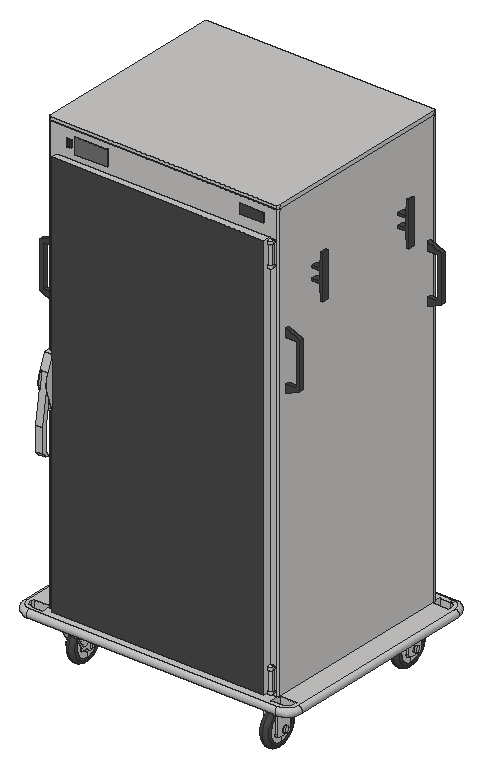
Revit family (continued)
Lines and regions (in)
  symbolic lines, style "QF_Door Swings", visible <- "LC", detail levels coarse
    curve 10: arc (4.4375, -59.625, 0) -> (25.1758, -50.65643, 0) -> (33.5, -29.65119, 0) r 29.52412
  symbolic lines
    curve 11: line (0, -2, 0) -> (0, -28.8125, 0)
    curve 12: line (35.9375, 0, 0) -> (2, 0, 0)
    curve 13: line (37.9375, -2, 0) -> (37.9375, -28.8125, 0)
    curve 14: line (35.9375, -30.8125, 0) -> (34.54386, -30.8125, 0)
    curve 15: line (34.65625, -1.8572, 0) -> (3.28125, -1.8572, 0)
    curve 16: line (3.28125, -1.8572, 0) -> (3.28125, -28.65119, 0)
    curve 17: line (3.28125, -2.42558, 0) -> (1, -2.42558, 0)
    curve 18: line (1, -2.42558, 0) -> (1, -2, 0)
    curve 19: arc (1, -2, 0) -> (1.29289, -1.29289, 0) -> (2, -1, 0) r 1
    curve 20: line (2, -1, 0) -> (3.38269, -1, 0)
    curve 21: line (3.38269, -1, 0) -> (3.38269, -1.8572, 0)
    curve 22: line (3.28125, -2.86127, 0) -> (1.21104, -2.86127, 0)
    curve 23: line (1.21104, -2.86127, 0) -> (1.21104, -3.36127, 0)
    curve 24: line (1.21104, -3.36127, 0) -> (3.28125, -3.36127, 0)
    curve 25: line (36.3062, -7.6669, 0) -> (34.65625, -7.6669, 0)
    curve 26: line (34.65625, -8.4169, 0) -> (36.3062, -8.4169, 0)
    curve 27: line (35.85597, -7.6669, 0) -> (35.85597, -8.4169, 0)
    curve 28: line (36.02201, -7.6669, 0) -> (36.02201, -8.4169, 0)
    curve 29: line (36.3062, -8.4169, 0) -> (36.3062, -7.6669, 0)
    curve 30: line (33.5, -29.65119, 0) -> (4.4375, -29.65119, 0)
    curve 31: line (4.4375, -28.65119, 0) -> (4.4375, -29.65119, 0)
    curve 32: line (5.91404, -28.65119, 0) -> (5.91404, -28.79572, 0)
    curve 33: line (5.91404, -28.79572, 0) -> (6.2983, -28.79572, 0)
    curve 34: line (6.2983, -28.79572, 0) -> (6.2983, -28.65119, 0)
    curve 35: line (3.28125, -28.65119, 0) -> (34.65625, -28.65119, 0)
    curve 36: line (33.5, -29.65119, 0) -> (33.5, -28.65119, 0)
    curve 50: line (3.28125, -1.8572, 0) -> (3.28125, -28.65119, 0)
    curve 51: line (34.65625, -2.86127, 0) -> (36.72646, -2.86127, 0)
    curve 52: line (36.72646, -2.86127, 0) -> (36.72646, -3.36127, 0)
    curve 53: line (36.72646, -3.36127, 0) -> (34.65625, -3.36127, 0)
    curve 54: line (34.65625, -2.42558, 0) -> (36.9375, -2.42558, 0)
    curve 55: line (36.9375, -2.42558, 0) -> (36.9375, -2, 0)
    curve 56: arc (36.9375, -2, 0) -> (36.64461, -1.29289, 0) -> (35.9375, -1, 0) r 1
    curve 57: line (35.9375, -1, 0) -> (34.55481, -1, 0)
    curve 58: line (34.55481, -1, 0) -> (34.55481, -1.8572, 0)
    curve 59: line (34.65625, -28.32442, 0) -> (36.9375, -28.32442, 0)
    curve 60: line (36.9375, -28.32442, 0) -> (36.9375, -28.75, 0)
    curve 61: arc (36.9375, -28.75, 0) -> (36.64461, -29.45711, 0) -> (35.9375, -29.75, 0) r 1
    curve 62: line (35.9375, -29.75, 0) -> (34.65625, -29.75, 0)
    curve 64: line (34.65625, -1.8572, 0) -> (34.65625, -28.65119, 0)
    curve 65: line (3.28125, -27.88873, 0) -> (1.21104, -27.88873, 0)
    curve 66: line (1.21104, -27.88873, 0) -> (1.21104, -27.38873, 0)
    curve 67: line (1.21104, -27.38873, 0) -> (3.28125, -27.38873, 0)
    curve 68: line (36.3062, -23.0831, 0) -> (34.65625, -23.0831, 0)
    curve 69: line (34.65625, -22.3331, 0) -> (36.3062, -22.3331, 0)
    curve 70: line (35.85597, -23.0831, 0) -> (35.85597, -22.3331, 0)
    curve 71: line (36.02201, -23.0831, 0) -> (36.02201, -22.3331, 0)
    curve 72: line (36.3062, -22.3331, 0) -> (36.3062, -23.0831, 0)
    curve 73: line (34.65625, -27.88873, 0) -> (36.72646, -27.88873, 0)
    curve 74: line (36.72646, -27.88873, 0) -> (36.72646, -27.38873, 0)
    curve 75: line (36.72646, -27.38873, 0) -> (34.65625, -27.38873, 0)
    curve 78: line (33.5, -28.65119, 0) -> (33.5, -29.65119, 0)
    curve 80: line (3.28125, -28.32442, 0) -> (1, -28.32442, 0)
    curve 81: line (1, -28.32442, 0) -> (1, -28.75, 0)
    curve 82: arc (1, -28.75, 0) -> (1.29289, -29.45711, 0) -> (2, -29.75, 0) r 1
    curve 83: line (2, -29.75, 0) -> (3.28125, -29.75, 0)
    curve 92: line (33.59513, -30.8125, 0) -> (4.34237, -30.8125, 0)
    curve 106: line (3.39364, -30.8125, 0) -> (2, -30.8125, 0)
    curve 107: arc (2, 0, 0) -> (0.58579, -0.58579, 0) -> (0, -2, 0) r 2
    curve 108: arc (35.9375, 0, 0) -> (37.35171, -0.58579, 0) -> (37.9375, -2, 0) r 2
    curve 109: arc (37.9375, -28.8125, 0) -> (37.35171, -30.22671, 0) -> (35.9375, -30.8125, 0) r 2
    curve 110: arc (2, -30.8125, 0) -> (0.58579, -30.22671, 0) -> (0, -28.8125, 0) r 2
  symbolic lines, visible <- "Left Door"
    curve 37: line (34.65625, -30.48585, 0) -> (34.65625, -28.65119, 0)
    curve 38: line (34.54386, -29.40119, 0) -> (33.59513, -29.40119, 0)
    curve 39: line (33.5, -30.36524, 0) -> (33.59513, -30.36524, 0)
    curve 40: line (33.5, -30.48585, 0) -> (33.59513, -30.48585, 0)
    curve 41: line (34.54386, -30.36524, 0) -> (34.65625, -30.36524, 0)
    curve 42: line (34.54386, -30.48585, 0) -> (34.65625, -30.48585, 0)
    curve 43: line (34.54386, -30.93673, 0) -> (34.54386, -29.40119, 0)
    curve 44: line (33.59513, -29.40119, 0) -> (33.59513, -30.93673, 0)
    curve 45: line (33.59513, -30.09283, 0) -> (34.54386, -30.09283, 0)
    curve 46: arc (3.6875, -28.97932, 0) -> (3.73946, -28.78886, 0) -> (3.88095, -28.65119, 0) r 0.375
    curve 47: arc (4.4375, -28.97932, 0) -> (4.0625, -29.35432, 0) -> (3.6875, -28.97932, 0) r 0.375
    curve 48: arc (4.34315, -28.97932, 0) -> (4.0625, -28.69866, 0) -> (3.78185, -28.97932, 0) r 0.28065
    curve 49: arc (3.78185, -28.97932, 0) -> (4.0625, -29.25997, 0) -> (4.34315, -28.97932, 0) r 0.28065
    curve 76: arc (4.24405, -28.65119, 0) -> (4.38554, -28.78886, 0) -> (4.4375, -28.97932, 0) r 0.375
    curve 77: line (34.54386, -30.93673, 0) -> (33.59513, -30.93673, 0)
    curve 84: line (3.38269, -29.75, 0) -> (3.38269, -28.65119, 0)
    curve 85: line (3.28125, -29.75, 0) -> (3.38269, -29.75, 0)
    curve 91: line (33.5, -30.48585, 0) -> (33.5, -29.64339, 0)
    curve 105: line (3.39364, -30.8125, 0) -> (4.34237, -30.8125, 0)
  symbolic lines, visible <- "Right Door"
    curve 63: line (34.55481, -29.75, 0) -> (34.55481, -28.65119, 0)
    curve 79: line (34.65625, -29.75, 0) -> (34.55481, -29.75, 0)
    curve 86: arc (34.25, -28.97932, 0) -> (34.19804, -28.78886, 0) -> (34.05655, -28.65119, 0) r 0.375
    curve 87: arc (33.5, -28.97932, 0) -> (33.875, -29.35432, 0) -> (34.25, -28.97932, 0) r 0.375
    curve 88: arc (33.59435, -28.97932, 0) -> (33.875, -28.69866, 0) -> (34.15565, -28.97932, 0) r 0.28065
    curve 89: arc (34.15565, -28.97932, 0) -> (33.875, -29.25997, 0) -> (33.59435, -28.97932, 0) r 0.28065
    curve 90: arc (33.69345, -28.65119, 0) -> (33.55196, -28.78886, 0) -> (33.5, -28.97932, 0) r 0.375
    curve 93: line (34.54386, -30.8125, 0) -> (33.59513, -30.8125, 0)
    curve 94: line (3.28125, -30.48585, 0) -> (3.28125, -28.65119, 0)
    curve 95: line (3.39364, -29.40119, 0) -> (4.34237, -29.40119, 0)
    curve 96: line (4.4375, -30.36524, 0) -> (4.34237, -30.36524, 0)
    curve 97: line (4.4375, -30.48585, 0) -> (4.34237, -30.48585, 0)
    curve 98: line (3.39364, -30.36524, 0) -> (3.28125, -30.36524, 0)
    curve 99: line (3.39364, -30.48585, 0) -> (3.28125, -30.48585, 0)
    curve 100: line (3.39364, -30.93673, 0) -> (3.39364, -29.40119, 0)
    curve 101: line (4.34237, -29.40119, 0) -> (4.34237, -30.93673, 0)
    curve 102: line (4.34237, -30.09283, 0) -> (3.39364, -30.09283, 0)
    curve 103: line (3.39364, -30.93673, 0) -> (4.34237, -30.93673, 0)
    curve 104: line (4.4375, -30.48585, 0) -> (4.4375, -29.64339, 0)
  symbolic lines, style "QF_Door Swings", visible <- "RC", detail levels coarse
    curve 111: line (33.5, -29.65119, 0) -> (33.5, -59.625, 0)
    curve 112: arc (33.5, -59.625, 0) -> (12.7617, -50.65643, 0) -> (4.4375, -29.65119, 0) r 29.52412
  symbolic lines, style "SpecialityEquipmentHiddenLines"
    curve 113: line (6.39906, -2.94629, 0) -> (7.38219, -3.5139, 0)
    curve 114: line (3.89906, -7.27642, 0) -> (6.39906, -2.94629, 0)
    curve 115: line (4.88219, -7.84403, 0) -> (3.89906, -7.27642, 0)
    curve 116: line (7.38219, -3.5139, 0) -> (4.88219, -7.84403, 0)
    curve 117: line (33.00808, -2.94629, 0) -> (33.99121, -3.5139, 0)
    curve 118: line (30.50808, -7.27642, 0) -> (33.00808, -2.94629, 0)
    curve 119: line (31.49121, -7.84403, 0) -> (30.50808, -7.27642, 0)
    curve 120: line (33.99121, -3.5139, 0) -> (31.49121, -7.84403, 0)
    curve 121: line (33.00808, -22.63379, 0) -> (33.99121, -23.2014, 0)
    curve 122: line (30.50808, -26.96392, 0) -> (33.00808, -22.63379, 0)
    curve 123: line (31.49121, -27.53153, 0) -> (30.50808, -26.96392, 0)
    curve 124: line (33.99121, -23.2014, 0) -> (31.49121, -27.53153, 0)
    curve 125: line (6.39906, -22.63379, 0) -> (7.38219, -23.2014, 0)
    curve 126: line (3.89906, -26.96392, 0) -> (6.39906, -22.63379, 0)
    curve 127: line (4.88219, -27.53153, 0) -> (3.89906, -26.96392, 0)
    curve 128: line (7.38219, -23.2014, 0) -> (4.88219, -27.53153, 0)
Dimensions and locks (in)
  plane 6 "TOP" to level = 67 5/8"
  plane 5 "FRONT" to plane 7 to plane 1 "BACK" = 15 7/16", 15 3/8"
  plane 5 "FRONT" to plane 1 "BACK" = 30 13/16"
  plane 4 "RIGHT" to plane 3 "LEFT" = 37 15/16"
  plane 3 "LEFT" to plane 4 "RIGHT" = 37 15/16"
  equal spacing: plane 3 "LEFT", plane 9, plane 4 "RIGHT"
  plane 10 to level = 64 1/2"
  locked: Extrusion 30 to Extrusion 30 at 0.94873
  plane 4 "RIGHT" to cut or joined group of Extrusion 4, Extrusion 5 = 33 1/2"
  "LH-Dim": plane 3 "LEFT" to cut or joined group of Extrusion 4, Extrusion 5
  cut or joined group of Extrusion 4, Extrusion 5 to cut or joined group of Extrusion 4, Extrusion 5 to cut or joined group of Extrusion 4, Extrusion 5 to cut or joined group of Extrusion 4, Extrusion 5 = 0.11239" locked, 0.94873" locked, 0.09513" locked
  "LHn-Dim": Revolve 8 sketch curve to plane 4 "RIGHT"
  aligned and locked: level to plane 2
  aligned and locked: Split face 10 to Split face 8
  aligned and locked: Split face 8 to Split face 9
  aligned and locked: Split face 9 to Split face 12
  aligned and locked: Split face 12 to Split face 14
  aligned and locked: Split face 14 to Split face 16
  aligned and locked: Split face 16 to Split face 18
  aligned and locked: Split face 18 to Split face 20
  aligned and locked: Split face 20 to Split face 22
  aligned and locked: Split face 22 to Split face 24
  aligned and locked: Split face 24 to Split face 44
  aligned and locked: Split face 44 to Split face 46
  aligned and locked: Split face 46 to Split face 48
  aligned and locked: Split face 48 to Split face 49
  aligned and locked: Split face 44 to Split face 48
  aligned and locked: Split face 24 to Split face 48  (x2)
  aligned and locked: Split face 22 to Split face 48
  aligned and locked: Split face 20 to Split face 48
  aligned and locked: Split face 18 to Split face 48
  aligned and locked: Split face 16 to Split face 48
  aligned and locked: Split face 14 to Split face 48
  aligned and locked: Split face 12 to Split face 48
  aligned and locked: Split face 9 to Split face 48
  aligned and locked: Split face 8 to Split face 48
  aligned and locked: Extrusion 30 to cut or joined group of Extrusion 4, Extrusion 5  (x2)
  aligned and locked: Revolve 8 sketch curve to Revolve 8 sketch curve
Automatic sketch dimensions
  Extrusion 27 sketch curve to plane 9 = 0"
  Extrusion 27 sketch curve to plane 10 = 0"
  curve 19 to curve 107 = 0"  (x2)
  curve 46 to curve 47 = 0"  (x2)
  curve 46 to curve 48 = 0"  (x2)
  curve 46 to curve 49 = 0"  (x2)
  curve 46 to curve 76 = 0"  (x2)
  curve 47 to curve 48 = 0"  (x2)
  curve 47 to curve 49 = 0"  (x2)
  curve 47 to curve 76 = 0"  (x2)
  curve 48 to curve 49 = 0"  (x2)
  curve 48 to curve 76 = 0"  (x2)
  curve 49 to curve 76 = 0"  (x2)
  curve 56 to curve 108 = 0"  (x2)
  curve 86 to curve 87 = 0"  (x2)
  curve 86 to curve 88 = 0"  (x2)
  curve 86 to curve 89 = 0"  (x2)
  curve 86 to curve 90 = 0"  (x2)
  curve 87 to curve 88 = 0"  (x2)
  curve 87 to curve 89 = 0"  (x2)
  curve 87 to curve 90 = 0"  (x2)
  curve 88 to curve 89 = 0"  (x2)
  curve 88 to curve 90 = 0"  (x2)
  curve 89 to curve 90 = 0"  (x2)
  curve 110 to plane 3 "LEFT" = 0"
  plane 5 "FRONT" to curve 110 = 0"
  plane 1 "BACK" to curve 107 = 0"
  plane 5 "FRONT" to curve 105 = 0"
  plane 5 "FRONT" to curve 92 = 0"
  plane 5 "FRONT" to curve 93 = 0"
  plane 5 "FRONT" to curve 14 = 0"
  curve 13 to plane 4 "RIGHT" = 0"
  plane 3 "LEFT" to curve 81 = 1"
  curve 107 to curve 18 = 1"
  curve 80 to curve 66 = 0.21104"
  curve 17 to curve 23 = 0.21104"
  plane 3 "LEFT" to curve 110 = 2"
  plane 3 "LEFT" to curve 107 = 2"
  curve 82 to curve 110 = 0"
  curve 107 to curve 22 = 1 9/32"
  curve 94 to plane 5 "FRONT" = 0.32665"
  curve 110 to curve 94 = 1 9/32"
  curve 85 to curve 98 = 0"
  curve 15 to curve 21 = 0.10144"
  curve 83 to curve 85 = 0.10144"
  plane 5 "FRONT" to curve 100 = 0.12423"
  curve 94 to curve 100 = 0.11239"
  curve 67 to curve 127 = 0.61781"
  curve 24 to curve 114 = 0.61781"
  curve 84 to curve 47 = 0.30481"
  curve 46 to curve 48 = 0.09435"
  curve 48 to curve 46 = 0.09911"
  curve 102 to curve 10 = 0.58572"
  curve 48 to curve 46 = 0.28065"
  curve 95 to curve 48 = 0.00079"
  curve 67 to curve 127 = 1.60094"
  curve 114 to curve 116 = 0.98313"
  curve 95 to curve 30 = 0.09513"
  curve 9 to curve 104 = 0"
  curve 126 to curve 126 = 2 1/2"
  plane 1 "BACK" to curve 113 = 2.94629"
  curve 20 to curve 113 = 3.01637"
  curve 31 to curve 32 = 1.47654"
  curve 32 to curve 33 = 0.38426"
  curve 122 to plane 4 "RIGHT" = 7.42942"
  curve 119 to plane 4 "RIGHT" = 7.42942"
  curve 118 to curve 119 = 0.98313"
  curve 123 to plane 5 "FRONT" = 3.28097"
  curve 122 to curve 123 = 0.98313"
  curve 123 to curve 87 = 2.00879"
  curve 91 to curve 87 = 0"
  curve 91 to curve 36 = 0"
  plane 1 "BACK" to curve 117 = 2.94629"
  curve 117 to plane 4 "RIGHT" = 4.92942"
  curve 121 to plane 4 "RIGHT" = 4.92942"
  curve 87 to curve 89 = 0.09435"
  curve 39 to curve 39 = 0.09513"
  curve 36 to curve 90 = 0.19345"
  curve 88 to curve 89 = 0.28065"
  curve 45 to curve 112 = 0.36301"
  curve 42 to plane 5 "FRONT" = 0.32665"
  curve 112 to curve 42 = 0.58572"
  curve 117 to curve 58 = 0.5636"
  curve 45 to curve 79 = 0.01095"
  curve 63 to curve 79 = 0.10144"
  curve 121 to curve 68 = 0.66504"
  curve 25 to curve 27 = 1.19972"
  curve 68 to curve 70 = 1.19972"
  curve 57 to curve 57 = 1.38269"
  curve 64 to curve 109 = 1 9/32"
  curve 62 to curve 109 = 0"
  curve 27 to curve 28 = 0.16604"
  curve 70 to curve 71 = 0.16604"
  curve 28 to curve 29 = 0.28419"
  curve 71 to curve 68 = 0.28419"
  curve 61 to curve 73 = 0.78896"
  curve 56 to curve 51 = 0.78896"
  curve 51 to curve 56 = 0.21104"
  curve 73 to curve 61 = 0.21104"
  curve 10 to curve 101 = 28.68827"
  plane 5 "FRONT" to curve 111 = 28 13/16"
  plane 5 "FRONT" to curve 77 = 0.12423"
  curve 97 to plane 5 "FRONT" = 0.32665"
  curve 92 to curve 40 = 0.32665"
  curve 40 to curve 39 = 0.12062"
  curve 42 to curve 41 = 0.12062"
  curve 97 to curve 96 = 0.12062"
  curve 99 to curve 98 = 0.12062"
  curve 96 to curve 10 = 0.2608"
  curve 98 to curve 102 = 0.27241"
  curve 41 to curve 45 = 0.27241"
  curve 61 to curve 109 = 15/16"
  curve 79 to curve 62 = 0"
  curve 102 to curve 85 = 0.34283"
  curve 9 to curve 104 = 1/128"
  curve 30 to curve 91 = 1/128"
  curve 91 to curve 44 = 31/128"
  curve 84 to curve 95 = 0.34881"
  curve 95 to curve 47 = 27/64"
  curve 34 to curve 34 = 37/256"
  curve 35 to curve 64 = 0"
  curve 82 to curve 81 = 0.42558"
  curve 60 to curve 60 = 0.42558"
  curve 80 to curve 65 = 0.43569"
  curve 59 to curve 73 = 0.43569"
  curve 31 to curve 127 = 1.11966"
  curve 73 to curve 75 = 1/2"
  curve 65 to curve 67 = 1/2"
  curve 67 to curve 126 = 0.42481"
  curve 123 to curve 123 = 0.56761"
  curve 121 to curve 71 = 0.1183"
  curve 68 to curve 72 = 3/4"
  curve 26 to curve 56 = 6.4169"
  curve 28 to curve 28 = 3/4"
  curve 119 to curve 25 = 0.17713"
  curve 116 to curve 19 = 5.84403"
  curve 23 to curve 18 = 1.36127"
  curve 52 to curve 55 = 1.36127"
  curve 23 to curve 22 = 1/2"
  curve 53 to curve 51 = 1/2"
  curve 51 to curve 54 = 0.43569"
  curve 22 to curve 17 = 0.43569"
  curve 54 to curve 15 = 0.56838"
  Extrusion 1 sketch curve to plane 6 "TOP" = 0"
  Extrusion 1 sketch curve to plane 6 "TOP" = 0.43778"
  plane 3 "LEFT" to Extrusion 1 sketch curve = 3 9/32"  (x2)
  Extrusion 1 sketch curve to plane 8 = 1"
  plane 10 to Extrusion 1 sketch curve = 2.62472"
  Extrusion 1 sketch curve to plane 4 "RIGHT" = 3 9/32"  (x2)
  plane 3 "LEFT" to Extrusion 2 sketch curve = 1.21104"
  Extrusion 2 sketch curve to Extrusion 2 sketch curve = 1/2"  (x2)
  Extrusion 2 sketch curve to Extrusion 2 sketch curve = 1.57021"  (x3)
  Extrusion 2 sketch curve to plane 4 "RIGHT" = 3 9/32"  (x2)
  Extrusion 2 sketch curve to plane 10 = 20.26523"  (x2)
  Extrusion 2 sketch curve to Extrusion 2 sketch curve = 0.94306"  (x2)
  Extrusion 2 sketch curve to Extrusion 2 sketch curve = 1.22141"  (x3)
  Extrusion 2 sketch curve to Extrusion 2 sketch curve = 0.27835"  (x3)
  Extrusion 2 sketch curve to Extrusion 2 sketch curve = 5.64774"  (x2)
  plane 3 "LEFT" to Extrusion 3 sketch curve = 1.21104"
  Extrusion 3 sketch curve to Extrusion 3 sketch curve = 1/2"  (x2)
  Extrusion 3 sketch curve to Extrusion 3 sketch curve = 1.57021"  (x3)
  Extrusion 3 sketch curve to plane 4 "RIGHT" = 3 9/32"  (x2)
  Extrusion 3 sketch curve to plane 10 = 20.26523"  (x2)
  Extrusion 3 sketch curve to Extrusion 3 sketch curve = 0.94306"  (x2)
  Extrusion 3 sketch curve to Extrusion 3 sketch curve = 1.22141"  (x3)
  Extrusion 3 sketch curve to Extrusion 3 sketch curve = 0.27835"  (x3)
  Extrusion 3 sketch curve to Extrusion 3 sketch curve = 5.64774"  (x2)
  Extrusion 4 sketch curve to plane 5 "FRONT" = 0.32665"
  Extrusion 4 sketch curve to plane 5 "FRONT" = 0.44726"  (x2)
  Extrusion 4 sketch curve to plane 5 "FRONT" = 1.41131"  (x2)
  Extrusion 4 sketch curve to Extrusion 4 sketch curve = 3/4"
  Extrusion 4 sketch curve to plane 8 = 25.61618"
  Extrusion 4 sketch curve to Extrusion 4 sketch curve = 2.94394"
  Extrusion 4 sketch curve to Extrusion 4 sketch curve = 0.68404"  (x2)
  Extrusion 4 sketch curve to Extrusion 4 sketch curve = 2.60333"
  plane 3 "LEFT" to Extrusion 5 sketch curve = 4.32511"
  Extrusion 5 sketch curve to Extrusion 5 sketch curve = 0.94873"
  Extrusion 5 sketch curve to plane 8 = 25.66382"
  Extrusion 5 sketch curve to Extrusion 5 sketch curve = 5"
  Extrusion 6 sketch curve to plane 4 "RIGHT" = 3 9/32"
  Extrusion 6 sketch curve to Extrusion 6 sketch curve = 0"
  Extrusion 6 sketch curve to Extrusion 6 sketch curve = 1.17292"
  Extrusion 6 sketch curve to Extrusion 6 sketch curve = 0.0268"
  Extrusion 6 sketch curve to Extrusion 6 sketch curve = 0.02726"
  Extrusion 6 sketch curve to plane 4 "RIGHT" = 1.91549"  (x2)
  Extrusion 6 sketch curve to Extrusion 6 sketch curve = 0.28419"
  Extrusion 6 sketch curve to plane 10 = 10.42071"
  Extrusion 6 sketch curve to Extrusion 6 sketch curve = 2.04773"
  Extrusion 6 sketch curve to Extrusion 6 sketch curve = 0.3372"
  Extrusion 6 sketch curve to Extrusion 6 sketch curve = 1.23014"
  Extrusion 6 sketch curve to Extrusion 6 sketch curve = 0.33144"
  Extrusion 6 sketch curve to Extrusion 6 sketch curve = 2.05349"
  Extrusion 7 sketch curve to plane 4 "RIGHT" = 3 9/32"
  Extrusion 7 sketch curve to Extrusion 7 sketch curve = 0"
  Extrusion 7 sketch curve to Extrusion 7 sketch curve = 1.17292"
  Extrusion 7 sketch curve to Extrusion 7 sketch curve = 0.0268"
  Extrusion 7 sketch curve to Extrusion 7 sketch curve = 0.02726"
  Extrusion 7 sketch curve to plane 4 "RIGHT" = 1.91549"  (x2)
  Extrusion 7 sketch curve to Extrusion 7 sketch curve = 0.28419"
  Extrusion 7 sketch curve to plane 10 = 4.42071"
  Extrusion 7 sketch curve to Extrusion 7 sketch curve = 2.05349"
  Extrusion 7 sketch curve to Extrusion 7 sketch curve = 0.33144"
  Extrusion 7 sketch curve to Extrusion 7 sketch curve = 1.23014"
  Extrusion 7 sketch curve to Extrusion 7 sketch curve = 0.3372"
  Extrusion 7 sketch curve to Extrusion 7 sketch curve = 2.04773"
  Revolve 8 sketch curve to Revolve 8 sketch curve = 0"
  Revolve 8 sketch curve to Revolve 8 sketch curve = 0.28065"  (x4)
  Revolve 8 sketch curve to Revolve 8 sketch curve = 0.0006"  (x2)
  Revolve 8 sketch curve to Revolve 8 sketch curve = 3/32"  (x2)
  Revolve 8 sketch curve to Revolve 8 sketch curve = 0.09435"  (x2)
  Revolve 8 sketch curve to Revolve 8 sketch curve = 0.28593"  (x4)
  Revolve 8 sketch curve to plane 8 = 1.29262"
  Revolve 8 sketch curve to Revolve 8 sketch curve = 0.10215"  (x2)
  Revolve 8 sketch curve to Revolve 8 sketch curve = 0.04488"  (x3)
  Revolve 8 sketch curve to Revolve 8 sketch curve = 2.55299"
  Revolve 8 sketch curve to Revolve 8 sketch curve = 0.30246"  (x3)
  Revolve 8 sketch curve to plane 10 = 4.52478"
  Revolve 8 sketch curve to Revolve 8 sketch curve = 1.98256"
  Revolve 8 sketch curve to Revolve 8 sketch curve = 0.57043"
  plane 6 "TOP" to Revolve 8 sketch curve = 2.78227"
  Revolve 9 sketch curve to level = 0"
  plane 3 "LEFT" to Revolve 9 sketch curve = 3.89216"
  Revolve 9 sketch curve to Revolve 9 sketch curve = 0.68086"
  Revolve 9 sketch curve to Revolve 9 sketch curve = 0.78236"
  Revolve 9 sketch curve to Revolve 9 sketch curve = 0.42614"  (x2)
  Revolve 9 sketch curve to Revolve 9 sketch curve = 0.03996"
  Revolve 9 sketch curve to Revolve 9 sketch curve = 0.07992"
  Revolve 9 sketch curve to Revolve 9 sketch curve = 0.10151"
  Revolve 9 sketch curve to Revolve 9 sketch curve = 0.59538"
  Revolve 9 sketch curve to Revolve 9 sketch curve = 0.18698"
  Revolve 9 sketch curve to Revolve 9 sketch curve = 0.45365"
  level to Revolve 9 sketch curve = 0.36512"  (x2)
  Revolve 9 sketch curve to Revolve 9 sketch curve = 0.32186"  (x2)
  Revolve 9 sketch curve to Revolve 9 sketch curve = 1.43579"  (x2)
  Revolve 9 sketch curve to Revolve 9 sketch curve = 0.37724"
  Revolve 9 sketch curve to Revolve 9 sketch curve = 0"
  Revolve 10 sketch curve to plane 8 = 0"
  plane 8 to Revolve 10 sketch curve = 1.1845"
  plane 3 "LEFT" to Revolve 10 sketch curve = 5.13299"
  Revolve 10 sketch curve to Revolve 10 sketch curve = 0"
  Revolve 10 sketch curve to Revolve 10 sketch curve = 7/8"
  Revolve 10 sketch curve to Revolve 10 sketch curve = 0.46513"
  Revolve 10 sketch curve to Revolve 10 sketch curve = 7/16"
  plane 8 to Revolve 10 sketch curve = 0.01324"
  Revolve 10 sketch curve to Revolve 10 sketch curve = 0.28051"
  plane 8 to Extrusion 11 sketch curve = 1.1845"
  Extrusion 11 sketch curve to plane 5 "FRONT" = 2.87862"
  level to Extrusion 11 sketch curve = 1.77709"
  Extrusion 11 sketch curve to Extrusion 11 sketch curve = 2.16364"
  Extrusion 11 sketch curve to Extrusion 11 sketch curve = 2.46507"
  Extrusion 11 sketch curve to Extrusion 11 sketch curve = 0.37014"
  Extrusion 11 sketch curve to Extrusion 11 sketch curve = 0.54478"
  Extrusion 11 sketch curve to Extrusion 11 sketch curve = 0.88123"
  Extrusion 11 sketch curve to Extrusion 11 sketch curve = 0.84208"
  Revolve 12 sketch curve to plane 8 = 0"
  plane 8 to Revolve 12 sketch curve = 1.1845"
  Revolve 12 sketch curve to plane 4 "RIGHT" = 5.19549"
  Revolve 12 sketch curve to Revolve 12 sketch curve = 0"  (x2)
  plane 8 to Revolve 12 sketch curve = 31/256"
  Revolve 12 sketch curve to Revolve 12 sketch curve = 0.77071"
  Revolve 12 sketch curve to Revolve 12 sketch curve = 0.10429"  (x2)
  Revolve 12 sketch curve to Revolve 12 sketch curve = 0.46513"
  Revolve 12 sketch curve to Revolve 12 sketch curve = 1/16"  (x2)
  plane 8 to Revolve 12 sketch curve = 0.58809"
  Revolve 12 sketch curve to Revolve 12 sketch curve = 0.50091"
  Revolve 12 sketch curve to Revolve 12 sketch curve = 0.29375"
  plane 8 to Extrusion 13 sketch curve = 1.1845"
  plane 1 "BACK" to Extrusion 13 sketch curve = 5 7/32"
  Extrusion 13 sketch curve to Extrusion 13 sketch curve = 1/4"
  Extrusion 13 sketch curve to Extrusion 13 sketch curve = 1 1/2"
  Extrusion 13 sketch curve to Extrusion 13 sketch curve = 2"
  level to Extrusion 13 sketch curve = 2.02709"
  Revolve 14 sketch curve to level = 0"
  Revolve 14 sketch curve to plane 4 "RIGHT" = 3.90778"
  Revolve 14 sketch curve to Revolve 14 sketch curve = 0.68086"
  Revolve 14 sketch curve to Revolve 14 sketch curve = 0.78236"
  Revolve 14 sketch curve to Revolve 14 sketch curve = 0.42614"  (x2)
  Revolve 14 sketch curve to Revolve 14 sketch curve = 0.03996"
  Revolve 14 sketch curve to Revolve 14 sketch curve = 0.07992"
  Revolve 14 sketch curve to Revolve 14 sketch curve = 0.10151"
  Revolve 14 sketch curve to Revolve 14 sketch curve = 0.59538"
  Revolve 14 sketch curve to Revolve 14 sketch curve = 0.18698"
  Revolve 14 sketch curve to Revolve 14 sketch curve = 0.45365"
  level to Revolve 14 sketch curve = 0.36512"  (x2)
  Revolve 14 sketch curve to Revolve 14 sketch curve = 0.32186"  (x2)
  Revolve 14 sketch curve to Revolve 14 sketch curve = 1.43579"  (x2)
  Revolve 14 sketch curve to Revolve 14 sketch curve = 0.37724"
  Revolve 14 sketch curve to Revolve 14 sketch curve = 0"
  Extrusion 15 sketch curve to Extrusion 15 sketch curve = 0"  (x8)
  Extrusion 15 sketch curve to plane 3 "LEFT" = 0"
  plane 5 "FRONT" to Extrusion 15 sketch curve = 0"
  plane 1 "BACK" to Extrusion 15 sketch curve = 0"
  Extrusion 15 sketch curve to plane 4 "RIGHT" = 0"
  plane 3 "LEFT" to Extrusion 15 sketch curve = 1"
  Extrusion 15 sketch curve to Extrusion 15 sketch curve = 1"  (x2)
  plane 3 "LEFT" to Extrusion 15 sketch curve = 2"
  Extrusion 15 sketch curve to Extrusion 15 sketch curve = 1.38269"  (x4)
  Extrusion 15 sketch curve to plane 5 "FRONT" = 1"
  Extrusion 15 sketch curve to Extrusion 15 sketch curve = 2.38269"  (x2)
  plane 1 "BACK" to Extrusion 15 sketch curve = 1"
  Extrusion 15 sketch curve to Extrusion 15 sketch curve = 1.42558"  (x3)
  Extrusion 15 sketch curve to Extrusion 15 sketch curve = 0.42558"
  Extrusion 16 sketch curve to Extrusion 16 sketch curve = 0"  (x2)
  Extrusion 16 sketch curve to plane 5 "FRONT" = 4.07783"
  Extrusion 16 sketch curve to Extrusion 16 sketch curve = 1.01122"
  Extrusion 16 sketch curve to Extrusion 16 sketch curve = 0.01949"  (x2)
  Extrusion 16 sketch curve to Extrusion 16 sketch curve = 0.56346"  (x2)
  Extrusion 16 sketch curve to Extrusion 16 sketch curve = 1 1/128"
  level to Extrusion 16 sketch curve = 2.30386"
  Extrusion 16 sketch curve to Extrusion 16 sketch curve = 0.21357"
  Extrusion 16 sketch curve to Extrusion 16 sketch curve = 0.36612"
  Extrusion 17 sketch curve to Extrusion 17 sketch curve = 0"  (x2)
  Extrusion 17 sketch curve to plane 5 "FRONT" = 4.07783"
  Extrusion 17 sketch curve to Extrusion 17 sketch curve = 1.01122"
  Extrusion 17 sketch curve to Extrusion 17 sketch curve = 0.01949"  (x2)
  Extrusion 17 sketch curve to Extrusion 17 sketch curve = 0.58295"
  Extrusion 17 sketch curve to Extrusion 17 sketch curve = 0.56346"
  Extrusion 17 sketch curve to Extrusion 17 sketch curve = 1 1/128"
  level to Extrusion 17 sketch curve = 2.66998"
  Extrusion 17 sketch curve to Extrusion 17 sketch curve = 0.15255"
  Extrusion 17 sketch curve to Extrusion 17 sketch curve = 0.36612"
  Revolve 18 sketch curve to level = 0"
  plane 3 "LEFT" to Revolve 18 sketch curve = 3.89216"
  Revolve 18 sketch curve to Revolve 18 sketch curve = 0.68086"
  Revolve 18 sketch curve to Revolve 18 sketch curve = 0.78236"
  Revolve 18 sketch curve to Revolve 18 sketch curve = 0.42614"  (x2)
  Revolve 18 sketch curve to Revolve 18 sketch curve = 0.03996"
  Revolve 18 sketch curve to Revolve 18 sketch curve = 0.07992"
  Revolve 18 sketch curve to Revolve 18 sketch curve = 0.10151"
  Revolve 18 sketch curve to Revolve 18 sketch curve = 0.59538"
  Revolve 18 sketch curve to Revolve 18 sketch curve = 0.18698"
  Revolve 18 sketch curve to Revolve 18 sketch curve = 0.45365"
  level to Revolve 18 sketch curve = 0.36512"  (x2)
  Revolve 18 sketch curve to Revolve 18 sketch curve = 0.32186"  (x2)
  Revolve 18 sketch curve to Revolve 18 sketch curve = 1.43579"  (x2)
  Revolve 18 sketch curve to Revolve 18 sketch curve = 0.37724"
  Revolve 18 sketch curve to Revolve 18 sketch curve = 0"
  Revolve 19 sketch curve to plane 8 = 0"
  plane 8 to Revolve 19 sketch curve = 1.1845"
  plane 3 "LEFT" to Revolve 19 sketch curve = 5.13299"
  Revolve 19 sketch curve to Revolve 19 sketch curve = 0"
  Revolve 19 sketch curve to Revolve 19 sketch curve = 7/8"
  Revolve 19 sketch curve to Revolve 19 sketch curve = 0.46513"
  Revolve 19 sketch curve to Revolve 19 sketch curve = 7/16"
  plane 8 to Revolve 19 sketch curve = 0.01324"
  Revolve 19 sketch curve to Revolve 19 sketch curve = 0.28051"
  plane 8 to Extrusion 20 sketch curve = 1.1845"
  plane 1 "BACK" to Extrusion 20 sketch curve = 5.55888"
  level to Extrusion 20 sketch curve = 1.77709"
  plane 1 "BACK" to Extrusion 20 sketch curve = 3.39524"
  Extrusion 20 sketch curve to Extrusion 20 sketch curve = 2.46507"
  Extrusion 20 sketch curve to Extrusion 20 sketch curve = 0.37014"
  Extrusion 20 sketch curve to Extrusion 20 sketch curve = 0.54478"
  Extrusion 20 sketch curve to Extrusion 20 sketch curve = 0.88123"
  Extrusion 20 sketch curve to Extrusion 20 sketch curve = 0.84208"
  Extrusion 21 sketch curve to Extrusion 21 sketch curve = 0"  (x2)
  plane 1 "BACK" to Extrusion 21 sketch curve = 4.35967"
  Extrusion 21 sketch curve to Extrusion 21 sketch curve = 1.01122"
  Extrusion 21 sketch curve to Extrusion 21 sketch curve = 0.01949"  (x2)
  Extrusion 21 sketch curve to Extrusion 21 sketch curve = 0.58295"
  Extrusion 21 sketch curve to Extrusion 21 sketch curve = 0.56346"
  Extrusion 21 sketch curve to Extrusion 21 sketch curve = 1 1/128"
  level to Extrusion 21 sketch curve = 2.30386"
  Extrusion 21 sketch curve to Extrusion 21 sketch curve = 0.21357"
  Extrusion 21 sketch curve to Extrusion 21 sketch curve = 0.36612"
  Extrusion 22 sketch curve to Extrusion 22 sketch curve = 0"  (x2)
  plane 1 "BACK" to Extrusion 22 sketch curve = 4.35967"
  Extrusion 22 sketch curve to Extrusion 22 sketch curve = 1.01122"
  Extrusion 22 sketch curve to Extrusion 22 sketch curve = 0.01949"  (x2)
  Extrusion 22 sketch curve to Extrusion 22 sketch curve = 0.56346"  (x2)
  Extrusion 22 sketch curve to Extrusion 22 sketch curve = 1 1/128"
  level to Extrusion 22 sketch curve = 2.66998"
  Extrusion 22 sketch curve to Extrusion 22 sketch curve = 0.15255"
  Extrusion 22 sketch curve to Extrusion 22 sketch curve = 0.36612"
  Revolve 23 sketch curve to plane 8 = 0"
  plane 8 to Revolve 23 sketch curve = 1.1845"
  Revolve 23 sketch curve to plane 4 "RIGHT" = 5.19549"
  Revolve 23 sketch curve to Revolve 23 sketch curve = 0"  (x2)
  plane 8 to Revolve 23 sketch curve = 31/256"
  Revolve 23 sketch curve to Revolve 23 sketch curve = 0.77071"
  Revolve 23 sketch curve to Revolve 23 sketch curve = 0.10429"  (x2)
  Revolve 23 sketch curve to Revolve 23 sketch curve = 0.46513"
  Revolve 23 sketch curve to Revolve 23 sketch curve = 1/16"  (x2)
  plane 8 to Revolve 23 sketch curve = 0.58809"
  Revolve 23 sketch curve to Revolve 23 sketch curve = 0.50091"
  Revolve 23 sketch curve to Revolve 23 sketch curve = 0.29375"
  Extrusion 24 sketch curve to plane 5 "FRONT" = 3 7/32"
  Extrusion 24 sketch curve to Extrusion 24 sketch curve = 1/4"
  Extrusion 24 sketch curve to Extrusion 24 sketch curve = 1 1/2"
  Extrusion 24 sketch curve to Extrusion 24 sketch curve = 2"
  plane 8 to Extrusion 24 sketch curve = 1.1845"
  level to Extrusion 24 sketch curve = 2.02709"
  Revolve 25 sketch curve to level = 0"
  Revolve 25 sketch curve to plane 4 "RIGHT" = 3.90778"
  Revolve 25 sketch curve to Revolve 25 sketch curve = 0.68086"
  Revolve 25 sketch curve to Revolve 25 sketch curve = 0.78236"
  Revolve 25 sketch curve to Revolve 25 sketch curve = 0.42614"  (x2)
  Revolve 25 sketch curve to Revolve 25 sketch curve = 0.03996"
  Revolve 25 sketch curve to Revolve 25 sketch curve = 0.07992"
  Revolve 25 sketch curve to Revolve 25 sketch curve = 0.10151"
  Revolve 25 sketch curve to Revolve 25 sketch curve = 0.59538"
  Revolve 25 sketch curve to Revolve 25 sketch curve = 0.18698"
  Revolve 25 sketch curve to Revolve 25 sketch curve = 0.45365"
  level to Revolve 25 sketch curve = 0.36512"  (x2)
  Revolve 25 sketch curve to Revolve 25 sketch curve = 0.32186"  (x2)
  Revolve 25 sketch curve to Revolve 25 sketch curve = 1.43579"  (x2)
  Revolve 25 sketch curve to Revolve 25 sketch curve = 0.37724"
  Revolve 25 sketch curve to Revolve 25 sketch curve = 0"
  Revolve 26 sketch curve to plane 8 = 0"
  plane 8 to Revolve 26 sketch curve = 1.1845"
  plane 3 "LEFT" to Revolve 26 sketch curve = 5.13299"
  Revolve 26 sketch curve to Revolve 26 sketch curve = 0"
  Revolve 26 sketch curve to Revolve 26 sketch curve = 7/8"
  Revolve 26 sketch curve to Revolve 26 sketch curve = 0.46513"
  Revolve 26 sketch curve to Revolve 26 sketch curve = 7/16"
  plane 8 to Revolve 26 sketch curve = 0.01324"
  Revolve 26 sketch curve to Revolve 26 sketch curve = 0.28051"
  plane 10 to Extrusion 28 sketch curve = 0.31361"
  plane 3 "LEFT" to Extrusion 28 sketch curve = 5 25/32"
  Extrusion 28 sketch curve to Extrusion 28 sketch curve = 0.63756"
  Extrusion 28 sketch curve to plane 10 = 0.27591"
  Extrusion 28 sketch curve to Extrusion 28 sketch curve = 15/32"
  Extrusion 28 sketch curve to Extrusion 28 sketch curve = 4.50399"
  Extrusion 28 sketch curve to Extrusion 28 sketch curve = 1"
  Extrusion 28 sketch curve to Extrusion 28 sketch curve = 0.58952"
  Split face 1 sketch curve to Extrusion 28 = 0.2869"
  Split face 1 sketch curve to Extrusion 28 = 1.66391"
  Split face 1 sketch curve to Extrusion 28 = 0.28811"
  Split face 1 sketch curve to Extrusion 28 = 0.47573"
  Split face 2 sketch curve to Extrusion 28 = 0.34613"
  Split face 2 sketch curve to Extrusion 28 = 1.07903"
  Split face 2 sketch curve to Extrusion 28 = 0.27725"
  Split face 2 sketch curve to Extrusion 28 = 0.1573"
  Split face 3 sketch curve to Extrusion 28 = 0.34613"
  Split face 3 sketch curve to Extrusion 28 = 2.13924"
  Split face 3 sketch curve to Split face 3 sketch curve = 0.80178"
  Split face 3 sketch curve to Extrusion 28 = 0.1573"
  Split face 4 sketch curve to Extrusion 28 = 0.29986"
  Split face 4 sketch curve to Extrusion 28 = 0.21011"
  Split face 4 sketch curve to Split face 4 sketch curve = 0.53852"
  Split face 4 sketch curve to Extrusion 28 = 0.09124"
  Split face 5 sketch curve to Extrusion 28 = 0.00108"
  Split face 5 sketch curve to Extrusion 28 = 1.81445"
  Extrusion 29 sketch curve to plane 5 "FRONT" = 1.088"
  Extrusion 29 sketch curve to Extrusion 29 sketch curve = 0.86628"
  plane 10 to Extrusion 29 sketch curve = 0.42029"
  Extrusion 29 sketch curve to Extrusion 29 sketch curve = 0.05186"
  Extrusion 29 sketch curve to Extrusion 29 sketch curve = 0.1122"
  Extrusion 29 sketch curve to Extrusion 29 sketch curve = 0.06336"
  plane 10 to Extrusion 29 sketch curve = 0.65897"
  Extrusion 29 sketch curve to Extrusion 29 sketch curve = 0.18492"
  Split face 6 sketch curve to Extrusion 28 = 0.13964"
  Split face 6 sketch curve to Extrusion 28 = 2.00541"
  Split face 6 sketch curve to Split face 6 sketch curve = 0.02872"
  Split face 6 sketch curve to Extrusion 28 = 0.29142"  (x2)
  Split face 6 sketch curve to Split face 6 sketch curve = 0.23672"
  Split face 6 sketch curve to Split face 6 sketch curve = 0.03051"  (x2)
  Split face 6 sketch curve to Extrusion 28 = 0.15314"
  Split face 6 sketch curve to Split face 6 sketch curve = 0.47361"
  Split face 6 sketch curve to Split face 6 sketch curve = 0.0165"  (x2)
  Extrusion 28 to Split face 7 sketch curve = 0.25247"
  Split face 7 sketch curve to Extrusion 28 = 0.9452"
  Split face 7 sketch curve to Split face 7 sketch curve = 0.02872"
  Split face 7 sketch curve to Extrusion 28 = 0.18527"  (x2)
  Split face 7 sketch curve to Split face 7 sketch curve = 0.23672"
  Split face 7 sketch curve to Split face 7 sketch curve = 0.03051"  (x2)
  Split face 7 sketch curve to Extrusion 28 = 0.44287"
  Extrusion 28 to Split face 7 sketch curve = 0.26598"
  Split face 7 sketch curve to Split face 7 sketch curve = 0.01553"
  Split face 7 sketch curve to Split face 7 sketch curve = 0.0165"
  plane 5 "FRONT" to Extrusion 30 sketch curve = 0.12423"
  Extrusion 30 sketch curve to plane 5 "FRONT" = 0.30509"
  Extrusion 30 sketch curve to plane 5 "FRONT" = 0.40011"
  Extrusion 30 sketch curve to plane 5 "FRONT" = 0.76391"  (x2)
  Extrusion 30 sketch curve to Extrusion 30 sketch curve = 0.38005"
  Extrusion 30 sketch curve to Extrusion 30 sketch curve = 1.3974"
  Extrusion 30 sketch curve to plane 8 = 20.4725"
  Extrusion 30 sketch curve to Extrusion 30 sketch curve = 0.59035"
  Extrusion 30 sketch curve to Extrusion 30 sketch curve = 0.10448"
  Extrusion 30 sketch curve to Extrusion 30 sketch curve = 3.18002"
  Extrusion 30 sketch curve to Extrusion 30 sketch curve = 0.15784"
  Extrusion 30 sketch curve to Extrusion 30 sketch curve = 3.28668"
  Extrusion 30 sketch curve to Extrusion 30 sketch curve = 2.9175"
  Extrusion 31 sketch curve to plane 8 = 1.2823"
  plane 3 "LEFT" to Extrusion 31 sketch curve = 4 7/16"
  Extrusion 31 sketch curve to plane 4 "RIGHT" = 4 7/16"
  Extrusion 31 sketch curve to plane 10 = 1 1/16"
  Split face 8 sketch curve to Extrusion 31 = 1 1/16"
  Split face 8 sketch curve to Split face 8 sketch curve = 1"
  Split face 8 sketch curve to Extrusion 31 = 1.62447"
  Split face 8 sketch curve to Split face 8 sketch curve = 1/4"
  Split face 9 sketch curve to Extrusion 31 = 2.30519"
  Split face 9 sketch curve to Split face 9 sketch curve = 1"
  Split face 9 sketch curve to Extrusion 31 = 1.62447"
  Split face 9 sketch curve to Split face 9 sketch curve = 1/4"
  Split face 10 sketch curve to Extrusion 31 = 1 1/16"
  Split face 10 sketch curve to Split face 10 sketch curve = 1"
  Split face 10 sketch curve to Extrusion 31 = 2.02999"
  Split face 10 sketch curve to Split face 10 sketch curve = 1/4"
  Split face 11 sketch curve to Extrusion 31 = 2.30519"
  Split face 11 sketch curve to Split face 11 sketch curve = 1"
  Split face 11 sketch curve to Extrusion 31 = 2.02999"
  Split face 11 sketch curve to Split face 11 sketch curve = 1/4"
  Split face 12 sketch curve to Extrusion 31 = 1.62447"
  Split face 12 sketch curve to Extrusion 31 = 3.55483"
  Split face 12 sketch curve to Split face 12 sketch curve = 1"
  Split face 12 sketch curve to Split face 12 sketch curve = 1/4"
  Split face 13 sketch curve to Extrusion 31 = 3.55483"
  Split face 13 sketch curve to Split face 13 sketch curve = 1"
  Split face 13 sketch curve to Extrusion 31 = 2.02999"
  Split face 13 sketch curve to Split face 13 sketch curve = 1/4"
  Split face 14 sketch curve to Extrusion 31 = 1.62447"
  Split face 14 sketch curve to Extrusion 31 = 4.80447"
  Split face 14 sketch curve to Split face 14 sketch curve = 1"
  Split face 14 sketch curve to Split face 14 sketch curve = 1/4"
  Split face 15 sketch curve to Extrusion 31 = 2.02999"
  Split face 15 sketch curve to Extrusion 31 = 4.80447"
  Split face 15 sketch curve to Split face 15 sketch curve = 1"
  Split face 15 sketch curve to Split face 15 sketch curve = 1/4"
  Split face 16 sketch curve to Extrusion 31 = 1.62447"
  Split face 16 sketch curve to Extrusion 31 = 6.0541"
  Split face 16 sketch curve to Split face 16 sketch curve = 1"
  Split face 16 sketch curve to Split face 16 sketch curve = 1/4"
  Split face 17 sketch curve to Extrusion 31 = 2.02999"
  Split face 17 sketch curve to Extrusion 31 = 6.0541"
  Split face 17 sketch curve to Split face 17 sketch curve = 1"
  Split face 17 sketch curve to Split face 17 sketch curve = 1/4"
  Split face 18 sketch curve to Extrusion 31 = 1.62447"
  Split face 18 sketch curve to Extrusion 31 = 7.30374"
  Split face 18 sketch curve to Split face 18 sketch curve = 1"
  Split face 18 sketch curve to Split face 18 sketch curve = 1/4"
  Split face 19 sketch curve to Extrusion 31 = 2.02999"
  Split face 19 sketch curve to Extrusion 31 = 7.30374"
  Split face 19 sketch curve to Split face 19 sketch curve = 1"
  Split face 19 sketch curve to Split face 19 sketch curve = 1/4"
  Split face 20 sketch curve to Extrusion 31 = 1.62447"
  Split face 20 sketch curve to Extrusion 31 = 8.55338"
  Split face 20 sketch curve to Split face 20 sketch curve = 1"
  Split face 20 sketch curve to Split face 20 sketch curve = 1/4"
  Split face 21 sketch curve to Extrusion 31 = 2.02999"
  Split face 21 sketch curve to Extrusion 31 = 8.55338"
  Split face 21 sketch curve to Split face 21 sketch curve = 1"
  Split face 21 sketch curve to Split face 21 sketch curve = 1/4"
  Split face 22 sketch curve to Extrusion 31 = 1.62447"
  Split face 22 sketch curve to Extrusion 31 = 9.80301"
  Split face 22 sketch curve to Split face 22 sketch curve = 1"
  Split face 22 sketch curve to Split face 22 sketch curve = 1/4"
  Split face 23 sketch curve to Extrusion 31 = 2.02999"
  Split face 23 sketch curve to Extrusion 31 = 9.80301"
  Split face 23 sketch curve to Split face 23 sketch curve = 1"
  Split face 23 sketch curve to Split face 23 sketch curve = 1/4"
  Split face 24 sketch curve to Extrusion 31 = 1.62447"
  Split face 24 sketch curve to Extrusion 31 = 11.05265"
  Split face 24 sketch curve to Split face 24 sketch curve = 1"
  Split face 24 sketch curve to Split face 24 sketch curve = 1/4"
  Split face 25 sketch curve to Extrusion 31 = 2.02999"
  Split face 25 sketch curve to Extrusion 31 = 11.05265"
  Split face 25 sketch curve to Split face 25 sketch curve = 1"
  Split face 25 sketch curve to Split face 25 sketch curve = 1/4"
  Split face 26 sketch curve to Extrusion 31 = 1.05556"
  Split face 26 sketch curve to Split face 26 sketch curve = 1"
  Split face 26 sketch curve to Extrusion 31 = 1.37447"
  Split face 26 sketch curve to Split face 26 sketch curve = 1/4"
  Split face 27 sketch curve to Extrusion 31 = 2.30519"
  Split face 27 sketch curve to Split face 27 sketch curve = 1"
  Split face 27 sketch curve to Extrusion 31 = 1.37447"
  Split face 27 sketch curve to Split face 27 sketch curve = 1/4"
  Split face 28 sketch curve to Extrusion 31 = 1.05556"
  Split face 28 sketch curve to Split face 28 sketch curve = 1"
  Split face 28 sketch curve to Extrusion 31 = 1.77999"
  Split face 28 sketch curve to Split face 28 sketch curve = 1/4"
  Split face 29 sketch curve to Extrusion 31 = 2.30519"
  Split face 29 sketch curve to Split face 29 sketch curve = 1"
  Split face 29 sketch curve to Extrusion 31 = 1.77999"
  Split face 29 sketch curve to Split face 29 sketch curve = 1/4"
  Split face 30 sketch curve to Extrusion 31 = 1.62447"
  Split face 30 sketch curve to Extrusion 31 = 3.55483"
  Split face 30 sketch curve to Split face 30 sketch curve = 1"
  Split face 30 sketch curve to Split face 30 sketch curve = 1/4"
  Split face 31 sketch curve to Extrusion 31 = 3.55483"
  Split face 31 sketch curve to Split face 31 sketch curve = 1"
  Split face 31 sketch curve to Extrusion 31 = 1.77999"
  Split face 31 sketch curve to Split face 31 sketch curve = 1/4"
  Split face 32 sketch curve to Extrusion 31 = 1.62447"
  Split face 32 sketch curve to Extrusion 31 = 4.80447"
  Split face 32 sketch curve to Split face 32 sketch curve = 1"
  Split face 32 sketch curve to Split face 32 sketch curve = 1/4"
  Split face 33 sketch curve to Extrusion 31 = 2.02999"
  Split face 33 sketch curve to Extrusion 31 = 4.80447"
  Split face 33 sketch curve to Split face 33 sketch curve = 1"
  Split face 33 sketch curve to Split face 33 sketch curve = 1/4"
  Split face 34 sketch curve to Extrusion 31 = 1.62447"
  Split face 34 sketch curve to Extrusion 31 = 6.0541"
  Split face 34 sketch curve to Split face 34 sketch curve = 1"
  Split face 34 sketch curve to Split face 34 sketch curve = 1/4"
  Split face 35 sketch curve to Extrusion 31 = 2.02999"
  Split face 35 sketch curve to Extrusion 31 = 6.0541"
  Split face 35 sketch curve to Split face 35 sketch curve = 1"
  Split face 35 sketch curve to Split face 35 sketch curve = 1/4"
  Split face 36 sketch curve to Extrusion 31 = 1.62447"
  Split face 36 sketch curve to Extrusion 31 = 7.30374"
  Split face 36 sketch curve to Split face 36 sketch curve = 1"
  Split face 36 sketch curve to Split face 36 sketch curve = 1/4"
  Split face 37 sketch curve to Extrusion 31 = 2.02999"
  Split face 37 sketch curve to Extrusion 31 = 7.30374"
  Split face 37 sketch curve to Split face 37 sketch curve = 1"
  Split face 37 sketch curve to Split face 37 sketch curve = 1/4"
  Split face 38 sketch curve to Extrusion 31 = 1.62447"
  Split face 38 sketch curve to Extrusion 31 = 8.55338"
  Split face 38 sketch curve to Split face 38 sketch curve = 1"
  Split face 38 sketch curve to Split face 38 sketch curve = 1/4"
  Split face 39 sketch curve to Extrusion 31 = 2.02999"
  Split face 39 sketch curve to Extrusion 31 = 8.55338"
  Split face 39 sketch curve to Split face 39 sketch curve = 1"
  Split face 39 sketch curve to Split face 39 sketch curve = 1/4"
  Split face 40 sketch curve to Extrusion 31 = 1.62447"
  Split face 40 sketch curve to Extrusion 31 = 9.80301"
  Split face 40 sketch curve to Split face 40 sketch curve = 1"
  Split face 40 sketch curve to Split face 40 sketch curve = 1/4"
  Split face 41 sketch curve to Extrusion 31 = 2.02999"
  Split face 41 sketch curve to Extrusion 31 = 9.80301"
  Split face 41 sketch curve to Split face 41 sketch curve = 1"
  Split face 41 sketch curve to Split face 41 sketch curve = 1/4"
  Split face 42 sketch curve to Extrusion 31 = 1.62447"
  Split face 42 sketch curve to Extrusion 31 = 11.05265"
  Split face 42 sketch curve to Split face 42 sketch curve = 1"
  Split face 42 sketch curve to Split face 42 sketch curve = 1/4"
  Split face 43 sketch curve to Extrusion 31 = 2.02999"
  Split face 43 sketch curve to Extrusion 31 = 11.05265"
  Split face 43 sketch curve to Split face 43 sketch curve = 1"
  Split face 43 sketch curve to Split face 43 sketch curve = 1/4"
  Split face 44 sketch curve to Extrusion 31 = 1.62447"
  Split face 44 sketch curve to Extrusion 31 = 12.30229"
  Split face 44 sketch curve to Split face 44 sketch curve = 1"
  Split face 44 sketch curve to Split face 44 sketch curve = 1/4"
  Split face 45 sketch curve to Extrusion 31 = 2.02999"
  Split face 45 sketch curve to Extrusion 31 = 12.30229"
  Split face 45 sketch curve to Split face 45 sketch curve = 1"
  Split face 45 sketch curve to Split face 45 sketch curve = 1/4"
  Split face 46 sketch curve to Extrusion 31 = 1.62447"
  Split face 46 sketch curve to Extrusion 31 = 13.55192"
  Split face 46 sketch curve to Split face 46 sketch curve = 1"
  Split face 46 sketch curve to Split face 46 sketch curve = 1/4"
  Split face 47 sketch curve to Extrusion 31 = 2.02999"
  Split face 47 sketch curve to Extrusion 31 = 13.55192"
  Split face 47 sketch curve to Split face 47 sketch curve = 1"
  Split face 47 sketch curve to Split face 47 sketch curve = 1/4"
  Split face 48 sketch curve to Extrusion 31 = 1.62447"
  Split face 48 sketch curve to Extrusion 31 = 14.26094"
  Split face 48 sketch curve to Split face 48 sketch curve = 1"
  Split face 48 sketch curve to Split face 48 sketch curve = 1/4"
  Split face 49 sketch curve to Extrusion 31 = 2.02999"
  Split face 49 sketch curve to Extrusion 31 = 14.26094"
  Split face 49 sketch curve to Split face 49 sketch curve = 1"
  Split face 49 sketch curve to Split face 49 sketch curve = 1/4"
  Split face 50 sketch curve to Extrusion 31 = 1.62447"
  Split face 50 sketch curve to Extrusion 31 = 12.30229"
  Split face 50 sketch curve to Split face 50 sketch curve = 1"
  Split face 50 sketch curve to Split face 50 sketch curve = 1/4"
  Split face 51 sketch curve to Extrusion 31 = 2.02999"
  Split face 51 sketch curve to Extrusion 31 = 12.30229"
  Split face 51 sketch curve to Split face 51 sketch curve = 1"
  Split face 51 sketch curve to Split face 51 sketch curve = 1/4"
  Split face 52 sketch curve to Extrusion 31 = 1.62447"
  Split face 52 sketch curve to Extrusion 31 = 13.55192"
  Split face 52 sketch curve to Split face 52 sketch curve = 1"
  Split face 52 sketch curve to Split face 52 sketch curve = 1/4"
  Split face 53 sketch curve to Extrusion 31 = 2.02999"
  Split face 53 sketch curve to Extrusion 31 = 13.55192"
  Split face 53 sketch curve to Split face 53 sketch curve = 1"
  Split face 53 sketch curve to Split face 53 sketch curve = 1/4"
  Split face 54 sketch curve to Extrusion 31 = 1.62447"
  Split face 54 sketch curve to Extrusion 31 = 14.26094"
  Split face 54 sketch curve to Split face 54 sketch curve = 1"
  Split face 54 sketch curve to Split face 54 sketch curve = 1/4"
  Split face 55 sketch curve to Extrusion 31 = 2.02999"
  Split face 55 sketch curve to Extrusion 31 = 14.26094"
  Split face 55 sketch curve to Split face 55 sketch curve = 1"
  Split face 55 sketch curve to Split face 55 sketch curve = 1/4"
  Split face 56 sketch curve to Extrusion 28 = 1/64"  (x4)
  Sweep 32 sketch curve to profile plane = 0"
  profile plane to Sweep 32 sketch curve = 0.13943"
  Sweep 32 sketch curve to profile plane = 1/2"  (x2)
  Extrusion 33 sketch curve to plane 8 = 1.2823"
  Extrusion 33 sketch curve to plane 4 "RIGHT" = 4 7/16"
  plane 3 "LEFT" to Extrusion 33 sketch curve = 4 7/16"
  Extrusion 33 sketch curve to plane 10 = 1 1/16"
  Split face 57 sketch curve to Extrusion 33 = 1 1/16"
  Split face 57 sketch curve to Split face 57 sketch curve = 1"
  Split face 57 sketch curve to Extrusion 33 = 1.37447"
  Split face 57 sketch curve to Split face 57 sketch curve = 1/4"
  Split face 58 sketch curve to Extrusion 33 = 2.30519"
  Split face 58 sketch curve to Split face 58 sketch curve = 1"
  Split face 58 sketch curve to Extrusion 33 = 1.37447"
  Split face 58 sketch curve to Split face 58 sketch curve = 1/4"
  Split face 59 sketch curve to Extrusion 33 = 2.30519"
  Split face 59 sketch curve to Split face 59 sketch curve = 1"
  Split face 59 sketch curve to Extrusion 33 = 1.77999"
  Split face 59 sketch curve to Split face 59 sketch curve = 1/4"
  Split face 60 sketch curve to Extrusion 33 = 1.62447"
  Split face 60 sketch curve to Extrusion 33 = 3.55483"
  Split face 60 sketch curve to Split face 60 sketch curve = 1"
  Split face 60 sketch curve to Split face 60 sketch curve = 1/4"
  Split face 61 sketch curve to Extrusion 33 = 3.55483"
  Split face 61 sketch curve to Split face 61 sketch curve = 1"
  Split face 61 sketch curve to Extrusion 33 = 1.77999"
  Split face 61 sketch curve to Split face 61 sketch curve = 1/4"
  Split face 62 sketch curve to Extrusion 33 = 1.62447"
  Split face 62 sketch curve to Extrusion 33 = 4.80447"
  Split face 62 sketch curve to Split face 62 sketch curve = 1"
  Split face 62 sketch curve to Split face 62 sketch curve = 1/4"
  Split face 63 sketch curve to Extrusion 33 = 2.02999"
  Split face 63 sketch curve to Extrusion 33 = 4.80447"
  Split face 63 sketch curve to Split face 63 sketch curve = 1"
  Split face 63 sketch curve to Split face 63 sketch curve = 1/4"
  Split face 64 sketch curve to Extrusion 33 = 1.62447"
  Split face 64 sketch curve to Extrusion 33 = 6.0541"
  Split face 64 sketch curve to Split face 64 sketch curve = 1"
  Split face 64 sketch curve to Split face 64 sketch curve = 1/4"
  Split face 65 sketch curve to Extrusion 33 = 2.02999"
  Split face 65 sketch curve to Extrusion 33 = 6.0541"
  Split face 65 sketch curve to Split face 65 sketch curve = 1"
  Split face 65 sketch curve to Split face 65 sketch curve = 1/4"
  Split face 66 sketch curve to Extrusion 33 = 1.62447"
  Split face 66 sketch curve to Extrusion 33 = 7.30374"
  Split face 66 sketch curve to Split face 66 sketch curve = 1"
  Split face 66 sketch curve to Split face 66 sketch curve = 1/4"
  Split face 67 sketch curve to Extrusion 33 = 2.02999"
  Split face 67 sketch curve to Extrusion 33 = 7.30374"
  Split face 67 sketch curve to Split face 67 sketch curve = 1"
  Split face 67 sketch curve to Split face 67 sketch curve = 1/4"
  Split face 68 sketch curve to Extrusion 33 = 1.62447"
  Split face 68 sketch curve to Extrusion 33 = 8.55338"
  Split face 68 sketch curve to Split face 68 sketch curve = 1"
  Split face 68 sketch curve to Split face 68 sketch curve = 1/4"
  Split face 69 sketch curve to Extrusion 33 = 2.02999"
  Split face 69 sketch curve to Extrusion 33 = 8.55338"
  Split face 69 sketch curve to Split face 69 sketch curve = 1"
  Split face 69 sketch curve to Split face 69 sketch curve = 1/4"
  Split face 70 sketch curve to Extrusion 33 = 1.62447"
  Split face 70 sketch curve to Extrusion 33 = 9.80301"
  Split face 70 sketch curve to Split face 70 sketch curve = 1"
  Split face 70 sketch curve to Split face 70 sketch curve = 1/4"
  Split face 71 sketch curve to Extrusion 33 = 2.02999"
  Split face 71 sketch curve to Extrusion 33 = 9.80301"
  Split face 71 sketch curve to Split face 71 sketch curve = 1"
  Split face 71 sketch curve to Split face 71 sketch curve = 1/4"
  Split face 72 sketch curve to Extrusion 33 = 1.62447"
  Split face 72 sketch curve to Extrusion 33 = 11.05265"
  Split face 72 sketch curve to Split face 72 sketch curve = 1"
  Split face 72 sketch curve to Split face 72 sketch curve = 1/4"
  Split face 73 sketch curve to Extrusion 33 = 2.02999"
  Split face 73 sketch curve to Extrusion 33 = 11.05265"
  Split face 73 sketch curve to Split face 73 sketch curve = 1"
  Split face 73 sketch curve to Split face 73 sketch curve = 1/4"
  Split face 74 sketch curve to Extrusion 33 = 1.05556"
  Split face 74 sketch curve to Split face 74 sketch curve = 1"
  Split face 74 sketch curve to Extrusion 33 = 1.62447"
  Split face 74 sketch curve to Split face 74 sketch curve = 1/4"
  Split face 75 sketch curve to Extrusion 33 = 2.30519"
  Split face 75 sketch curve to Split face 75 sketch curve = 1"
  Split face 75 sketch curve to Extrusion 33 = 1.62447"
  Split face 75 sketch curve to Split face 75 sketch curve = 1/4"
  Split face 76 sketch curve to Extrusion 33 = 1.05556"
  Split face 76 sketch curve to Split face 76 sketch curve = 1"
  Split face 76 sketch curve to Extrusion 33 = 2.02999"
  Split face 76 sketch curve to Split face 76 sketch curve = 1/4"
  Split face 77 sketch curve to Extrusion 33 = 2.30519"
  Split face 77 sketch curve to Split face 77 sketch curve = 1"
  Split face 77 sketch curve to Extrusion 33 = 2.02999"
  Split face 77 sketch curve to Split face 77 sketch curve = 1/4"
  Split face 78 sketch curve to Extrusion 33 = 1.62447"
  Split face 78 sketch curve to Extrusion 33 = 3.55483"
  Split face 78 sketch curve to Split face 78 sketch curve = 1"
  Split face 78 sketch curve to Split face 78 sketch curve = 1/4"
  Split face 79 sketch curve to Extrusion 33 = 3.55483"
  Split face 79 sketch curve to Split face 79 sketch curve = 1"
  Split face 79 sketch curve to Extrusion 33 = 2.02999"
  Split face 79 sketch curve to Split face 79 sketch curve = 1/4"
  Split face 80 sketch curve to Extrusion 33 = 1.62447"
  Split face 80 sketch curve to Extrusion 33 = 4.80447"
  Split face 80 sketch curve to Split face 80 sketch curve = 1"
  Split face 80 sketch curve to Split face 80 sketch curve = 1/4"
  Split face 81 sketch curve to Extrusion 33 = 2.02999"
  Split face 81 sketch curve to Extrusion 33 = 4.80447"
  Split face 81 sketch curve to Split face 81 sketch curve = 1"
  Split face 81 sketch curve to Split face 81 sketch curve = 1/4"
  Split face 82 sketch curve to Extrusion 33 = 1.62447"
  Split face 82 sketch curve to Extrusion 33 = 6.0541"
  Split face 82 sketch curve to Split face 82 sketch curve = 1"
  Split face 82 sketch curve to Split face 82 sketch curve = 1/4"
  Split face 83 sketch curve to Extrusion 33 = 2.02999"
  Split face 83 sketch curve to Extrusion 33 = 6.0541"
  Split face 83 sketch curve to Split face 83 sketch curve = 1"
  Split face 83 sketch curve to Split face 83 sketch curve = 1/4"
  Split face 84 sketch curve to Extrusion 33 = 1.62447"
  Split face 84 sketch curve to Extrusion 33 = 7.30374"
  Split face 84 sketch curve to Split face 84 sketch curve = 1"
  Split face 84 sketch curve to Split face 84 sketch curve = 1/4"
  Split face 85 sketch curve to Extrusion 33 = 2.02999"
  Split face 85 sketch curve to Extrusion 33 = 7.30374"
  Split face 85 sketch curve to Split face 85 sketch curve = 1"
  Split face 85 sketch curve to Split face 85 sketch curve = 1/4"
  Split face 86 sketch curve to Extrusion 33 = 1.62447"
  Split face 86 sketch curve to Extrusion 33 = 8.55338"
  Split face 86 sketch curve to Split face 86 sketch curve = 1"
  Split face 86 sketch curve to Split face 86 sketch curve = 1/4"
  Split face 87 sketch curve to Extrusion 33 = 2.02999"
  Split face 87 sketch curve to Extrusion 33 = 8.55338"
  Split face 87 sketch curve to Split face 87 sketch curve = 1"
  Split face 87 sketch curve to Split face 87 sketch curve = 1/4"
  Split face 88 sketch curve to Extrusion 33 = 1.62447"
